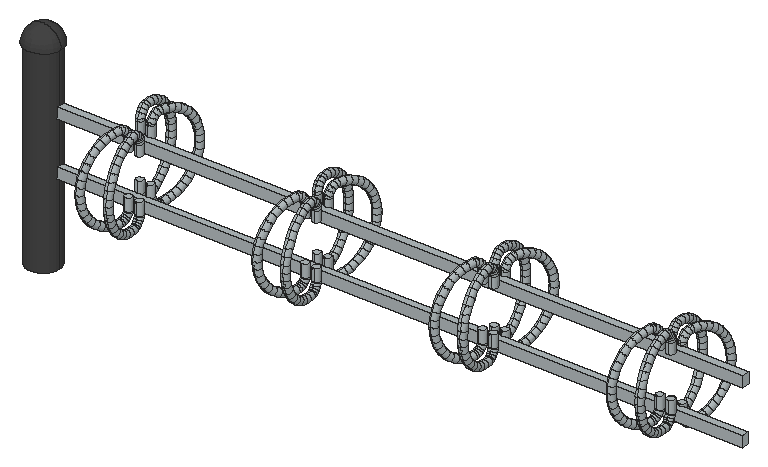
Revit family "Sirius 8 Pl Rak", category Furniture, Revit 2020
Family settings
  OmniClass Number = 23.21.23.13.15
  Work Plane-Based = No
  Always vertical = Yes
  Cut with Voids When Loaded = No
  Shared = No
  Room Calculation Point = No
Parameters (values of type "8003075 / Black - Galvanized")
  Uniclass 1.4 Description = "Furniture"
  Uniclass 1.4 Code = "L8211"
  URL = "https://www.hags.com/"
  QR code = "https://www.hags.com/en-us/furniture/park-and-urban-furniture/bicycle-storage/sirius-cycle-stand/not-applicable-cast-in-place-rak-8-pl-aug-2010-black-galv"
  Product url = "https://www.hags.com/en-us/furniture/park-and-urban-furniture/bicycle-storage/sirius-cycle-stand/not-applicable-cast-in-place-rak-8-pl-aug-2010-black-galv"
  Product name = "Sirius Cycle Stand Cast In Place 8 PL"
  Product data url = "https://bimobject.com/hags/product/sofa_sofiero_detached"
  Product SKU = "Sirius_Cycle_Stand_Detached"
  Product Guid = "90e49432-c870-4a59-897e-b15016e8f9bd"
  OmniClass Description = "BICYCLE STORAGE"
  OmniClass Code = "23-21 23 13 15"
  Model = "8003075"
  Manufacturer name = "HAGS"
  Manufacturer = "Hags"
  IFC Classification = "Furniture"
  Edition number = 1
  Description = ""
  Default Elevation = 0 mm
  Construction material = Hags - Steel - Powder coated - Black
  Body material_90 = Hags - Steel - Galvanized
  Body material = Hags - Steel - Galvanized
  BIMobject category = "PARK AND URBAN FURNITURE"
Reference planes
  plane 1 "Center (Front/Back)": y = 0
  plane 2: z = 0
  plane 3 "Center (Left/Right)": x = 0
Forms (mm)
  Extrusion 1, solid, material "Hags - Steel - Galvanized" <- "Body material"
    sketch origin (1.365, -9.603, 369.929) x (1, 0, 0) y (0, 1, 0)
      loop
        line (45, 10) -> (45, -10) -> (1955, -10) -> (1955, 10) -> (45, 10)
    from 10 to 40
  Extrusion 2, solid, material "Hags - Steel - Powder coated - Black" <- "Construction material"
    sketch origin (1.256, -9.603, 0) x (1, 0, 0) y (0, 1, 0)
      loop
        circle (0, 0) r 45
    from 0 to 549.709
  Revolve 3, solid, material "Hags - Steel - Powder coated - Black" <- "Construction material"
    sketch origin (-157.494, -9.976, 679.925) x (1, 0, 0) y (0, 0, -1)
      loop
        arc (158.761, 80.421) -> (194.116, 95.065) -> (208.761, 130.421) r 50
        line (208.761, 130.421) -> (207.761, 130.421)
        arc (207.761, 130.421) -> (193.409, 95.772) -> (158.761, 81.421) r 49
        line (158.761, 81.421) -> (158.761, 80.421)
      axis (158.761, 80.421) -> (158.761, 130.421)
    angle from 0 to 360
  Extrusion 4, solid, material "Hags - Steel - Galvanized" <- "Body material"
    sketch origin (1.365, -9.603, 220) x (1, 0, 0) y (0, 1, 0)
      loop
        line (45, 10) -> (45, -10) -> (1955, -10) -> (1955, 10) -> (45, 10)
    from 10 to 40
  Sweep 5, solid, material "Hags - Steel - Galvanized" <- "Body material"
    path in 3D
      loop
        line (284.399, -28.912, 379.243) -> (284.399, -28.912, 409.356) -> (284.665, -30.416, 417.342) -> (285.316, -34.108, 425.042) -> (286.286, -39.612, 430.632) -> (287.965, -49.133, 436.349) -> (289.347, -56.972, 437.365) -> (292.522, -74.978, 434.786) -> (295.203, -90.181, 431.456) -> (297.994, -106.011, 424.537) -> (300.723, -121.485, 415.172) -> (303.109, -135.021, 403.262) -> (305.21, -146.933, 388.659) -> (306.856, -156.271, 373.149) -> (308.013, -162.829, 356.943) -> (308.792, -167.247, 339.38) -> (309.009, -168.477, 321.297) -> (308.744, -166.976, 303.115) -> (308.016, -162.845, 285.057) -> (306.889, -156.455, 268.21) -> (305.171, -146.715, 252.347) -> (303.187, -135.458, 238.586) -> (300.759, -121.692, 226.912) -> (298.069, -106.433, 217.568) -> (295.162, -89.947, 210.351) -> (292.187, -73.075, 206.279) -> (288.99, -54.946, 204.888) -> (287.744, -47.88, 206.305) -> (286.375, -40.117, 210.646) -> (285.399, -34.582, 217.063) -> (284.552, -29.777, 225.614) -> (284.444, -29.163, 229.974) -> (284.444, -29.163, 262.737)
    profile origin (284.444, -29.163, 246.356) x (0, 1, 0) y (-1, 0, 0)
      loop
        circle (0, 0) r 10
  Sweep 6, solid, material "Hags - Steel - Galvanized" <- "Body material"
    path in 3D
      loop
        line (254.031, -29.133, 379.797) -> (254.031, -29.133, 409.91) -> (253.766, -30.637, 417.896) -> (253.115, -34.329, 425.596) -> (252.145, -39.834, 431.186) -> (250.466, -49.355, 436.903) -> (249.084, -57.193, 437.919) -> (245.909, -75.199, 435.34) -> (243.228, -90.403, 432.01) -> (240.437, -106.232, 425.091) -> (237.708, -121.706, 415.726) -> (235.321, -135.242, 403.816) -> (233.221, -147.154, 389.213) -> (231.574, -156.492, 373.703) -> (230.418, -163.05, 357.497) -> (229.639, -167.468, 339.934) -> (229.422, -168.699, 321.851) -> (229.687, -167.198, 303.669) -> (230.415, -163.066, 285.611) -> (231.542, -156.676, 268.764) -> (233.259, -146.936, 252.901) -> (235.244, -135.679, 239.14) -> (237.672, -121.914, 227.466) -> (240.362, -106.654, 218.122) -> (243.269, -90.169, 210.905) -> (246.244, -73.297, 206.833) -> (249.441, -55.167, 205.442) -> (250.687, -48.101, 206.859) -> (252.056, -40.338, 211.2) -> (253.032, -34.803, 217.617) -> (253.879, -29.998, 226.168) -> (253.987, -29.385, 230.528) -> (253.987, -29.385, 263.291)
    profile origin (253.987, -29.385, 246.91) x (0, 1, 0) y (-1, 0, 0)
      loop
        circle (0, 0) r 10
  Sweep 7, solid, material "Hags - Steel - Galvanized" <- "Body material"
    path in 3D
      loop
        line (1764.174, -28.912, 405.073) -> (1764.174, -28.912, 435.185) -> (1764.439, -30.416, 443.172) -> (1765.09, -34.108, 450.872) -> (1766.061, -39.612, 456.461) -> (1767.74, -49.133, 462.179) -> (1769.122, -56.972, 463.194) -> (1772.297, -74.978, 460.616) -> (1774.978, -90.181, 457.286) -> (1777.769, -106.011, 450.366) -> (1780.497, -121.485, 441.002) -> (1782.884, -135.021, 429.092) -> (1784.984, -146.933, 414.489) -> (1786.631, -156.271, 398.978) -> (1787.787, -162.829, 382.772) -> (1788.566, -167.247, 365.21) -> (1788.783, -168.477, 347.126) -> (1788.519, -166.976, 328.944) -> (1787.79, -162.845, 310.887) -> (1786.663, -156.455, 294.039) -> (1784.946, -146.715, 278.176) -> (1782.961, -135.458, 264.416) -> (1780.534, -121.692, 252.741) -> (1777.843, -106.433, 243.398) -> (1774.936, -89.947, 236.18) -> (1771.961, -73.075, 232.108) -> (1768.765, -54.946, 230.717) -> (1767.519, -47.88, 232.135) -> (1766.15, -40.117, 236.476) -> (1765.174, -34.582, 242.892) -> (1764.327, -29.777, 251.444) -> (1764.218, -29.163, 255.804) -> (1764.218, -29.163, 288.567)
    profile origin (1764.218, -29.163, 272.185) x (0, 1, 0) y (-1, 0, 0)
      loop
        circle (0, 0) r 10
  Sweep 8, solid, material "Hags - Steel - Galvanized" <- "Body material"
    path in 3D
      loop
        line (1733.806, -29.133, 405.627) -> (1733.806, -29.133, 435.739) -> (1733.541, -30.637, 443.726) -> (1732.89, -34.329, 451.426) -> (1731.919, -39.834, 457.015) -> (1730.24, -49.355, 462.733) -> (1728.858, -57.193, 463.748) -> (1725.683, -75.199, 461.17) -> (1723.002, -90.403, 457.84) -> (1720.211, -106.232, 450.92) -> (1717.483, -121.706, 441.556) -> (1715.096, -135.242, 429.646) -> (1712.996, -147.154, 415.043) -> (1711.349, -156.492, 399.532) -> (1710.193, -163.05, 383.326) -> (1709.414, -167.468, 365.764) -> (1709.197, -168.699, 347.68) -> (1709.461, -167.198, 329.498) -> (1710.19, -163.066, 311.441) -> (1711.317, -156.676, 294.593) -> (1713.034, -146.936, 278.73) -> (1715.019, -135.679, 264.97) -> (1717.446, -121.914, 253.295) -> (1720.137, -106.654, 243.952) -> (1723.044, -90.169, 236.734) -> (1726.019, -73.297, 232.662) -> (1729.215, -55.167, 231.271) -> (1730.461, -48.101, 232.689) -> (1731.83, -40.338, 237.03) -> (1732.806, -34.803, 243.446) -> (1733.653, -29.998, 251.998) -> (1733.762, -29.385, 256.358) -> (1733.762, -29.385, 289.121)
    profile origin (1733.762, -29.385, 272.739) x (0, 1, 0) y (-1, 0, 0)
      loop
        circle (0, 0) r 10
  Sweep 9, solid, material "Hags - Steel - Galvanized" <- "Body material"
    path in 3D
      loop
        line (777.658, -28.912, 387.853) -> (777.658, -28.912, 417.966) -> (777.923, -30.416, 425.952) -> (778.574, -34.108, 433.652) -> (779.545, -39.612, 439.241) -> (781.223, -49.133, 444.959) -> (782.605, -56.972, 445.974) -> (785.78, -74.978, 443.396) -> (788.461, -90.181, 440.066) -> (791.252, -106.011, 433.147) -> (793.981, -121.485, 423.782) -> (796.368, -135.021, 411.872) -> (798.468, -146.933, 397.269) -> (800.115, -156.271, 381.759) -> (801.271, -162.829, 365.553) -> (802.05, -167.247, 347.99) -> (802.267, -168.477, 329.907) -> (802.002, -166.976, 311.725) -> (801.274, -162.845, 293.667) -> (800.147, -156.455, 276.82) -> (798.43, -146.715, 260.956) -> (796.445, -135.458, 247.196) -> (794.017, -121.692, 235.521) -> (791.327, -106.433, 226.178) -> (788.42, -89.947, 218.96) -> (785.445, -73.075, 214.889) -> (782.248, -54.946, 213.498) -> (781.002, -47.88, 214.915) -> (779.633, -40.117, 219.256) -> (778.657, -34.582, 225.673) -> (777.81, -29.777, 234.224) -> (777.702, -29.163, 238.584) -> (777.702, -29.163, 271.347)
    profile origin (777.702, -29.163, 254.965) x (0, 1, 0) y (-1, 0, 0)
      loop
        circle (0, 0) r 10
  Sweep 10, solid, material "Hags - Steel - Galvanized" <- "Body material"
    path in 3D
      loop
        line (747.29, -29.133, 388.407) -> (747.29, -29.133, 418.52) -> (747.024, -30.637, 426.506) -> (746.373, -34.329, 434.206) -> (745.403, -39.834, 439.795) -> (743.724, -49.355, 445.513) -> (742.342, -57.193, 446.528) -> (739.167, -75.199, 443.95) -> (736.486, -90.403, 440.62) -> (733.695, -106.232, 433.701) -> (730.966, -121.706, 424.336) -> (728.58, -135.242, 412.426) -> (726.479, -147.154, 397.823) -> (724.833, -156.492, 382.313) -> (723.676, -163.05, 366.107) -> (722.897, -167.468, 348.544) -> (722.68, -168.699, 330.461) -> (722.945, -167.198, 312.279) -> (723.673, -163.066, 294.221) -> (724.8, -156.676, 277.374) -> (726.518, -146.936, 261.51) -> (728.503, -135.679, 247.75) -> (730.93, -121.914, 236.075) -> (733.62, -106.654, 226.732) -> (736.527, -90.169, 219.514) -> (739.502, -73.297, 215.443) -> (742.699, -55.167, 214.052) -> (743.945, -48.101, 215.469) -> (745.314, -40.338, 219.81) -> (746.29, -34.803, 226.227) -> (747.137, -29.998, 234.778) -> (747.245, -29.385, 239.138) -> (747.245, -29.385, 271.901)
    profile origin (747.245, -29.385, 255.519) x (0, 1, 0) y (-1, 0, 0)
      loop
        circle (0, 0) r 10
  Sweep 11, solid, material "Hags - Steel - Galvanized" <- "Body material"
    path in 3D
      loop
        line (1270.916, -28.912, 396.463) -> (1270.916, -28.912, 426.576) -> (1271.181, -30.416, 434.562) -> (1271.832, -34.108, 442.262) -> (1272.803, -39.612, 447.851) -> (1274.482, -49.133, 453.569) -> (1275.864, -56.972, 454.584) -> (1279.039, -74.978, 452.006) -> (1281.719, -90.181, 448.676) -> (1284.511, -106.011, 441.757) -> (1287.239, -121.485, 432.392) -> (1289.626, -135.021, 420.482) -> (1291.726, -146.933, 405.879) -> (1293.373, -156.271, 390.368) -> (1294.529, -162.829, 374.162) -> (1295.308, -167.247, 356.6) -> (1295.525, -168.477, 338.516) -> (1295.26, -166.976, 320.335) -> (1294.532, -162.845, 302.277) -> (1293.405, -156.455, 285.43) -> (1291.688, -146.715, 269.566) -> (1289.703, -135.458, 255.806) -> (1287.276, -121.692, 244.131) -> (1284.585, -106.433, 234.788) -> (1281.678, -89.947, 227.57) -> (1278.703, -73.075, 223.499) -> (1275.506, -54.946, 222.108) -> (1274.26, -47.88, 223.525) -> (1272.892, -40.117, 227.866) -> (1271.916, -34.582, 234.283) -> (1271.068, -29.777, 242.834) -> (1270.96, -29.163, 247.194) -> (1270.96, -29.163, 279.957)
    profile origin (1270.96, -29.163, 263.575) x (0, 1, 0) y (-1, 0, 0)
      loop
        circle (0, 0) r 10
  Sweep 12, solid, material "Hags - Steel - Galvanized" <- "Body material"
    path in 3D
      loop
        line (1240.548, -29.133, 397.017) -> (1240.548, -29.133, 427.13) -> (1240.282, -30.637, 435.116) -> (1239.631, -34.329, 442.816) -> (1238.661, -39.834, 448.405) -> (1236.982, -49.355, 454.123) -> (1235.6, -57.193, 455.138) -> (1232.425, -75.199, 452.56) -> (1229.744, -90.403, 449.23) -> (1226.953, -106.232, 442.311) -> (1224.225, -121.706, 432.946) -> (1221.838, -135.242, 421.036) -> (1219.737, -147.154, 406.433) -> (1218.091, -156.492, 390.922) -> (1216.935, -163.05, 374.716) -> (1216.155, -167.468, 357.154) -> (1215.939, -168.699, 339.07) -> (1216.203, -167.198, 320.889) -> (1216.932, -163.066, 302.831) -> (1218.058, -156.676, 285.983) -> (1219.776, -146.936, 270.12) -> (1221.761, -135.679, 256.36) -> (1224.188, -121.914, 244.685) -> (1226.879, -106.654, 235.342) -> (1229.785, -90.169, 228.124) -> (1232.76, -73.297, 224.053) -> (1235.957, -55.167, 222.662) -> (1237.203, -48.101, 224.079) -> (1238.572, -40.338, 228.42) -> (1239.548, -34.803, 234.837) -> (1240.395, -29.998, 243.388) -> (1240.503, -29.385, 247.748) -> (1240.503, -29.385, 280.511)
    profile origin (1240.503, -29.385, 264.129) x (0, 1, 0) y (-1, 0, 0)
      loop
        circle (0, 0) r 10
  Sweep 13, solid, material "Hags - Steel - Galvanized" <- "Body material"
    path in 3D
      loop
        line (284.399, 10.063, 288.783) -> (284.399, 10.063, 258.67) -> (284.665, 11.568, 250.684) -> (285.316, 15.26, 242.984) -> (286.286, 20.764, 237.395) -> (287.965, 30.285, 231.677) -> (289.347, 38.124, 230.662) -> (292.522, 56.13, 233.24) -> (295.203, 71.333, 236.57) -> (297.994, 87.163, 243.49) -> (300.723, 102.637, 252.854) -> (303.109, 116.173, 264.764) -> (305.21, 128.085, 279.367) -> (306.856, 137.423, 294.878) -> (308.013, 143.981, 311.084) -> (308.792, 148.399, 328.646) -> (309.009, 149.629, 346.73) -> (308.744, 148.128, 364.912) -> (308.016, 143.997, 382.969) -> (306.889, 137.607, 399.817) -> (305.171, 127.867, 415.68) -> (303.187, 116.61, 429.44) -> (300.759, 102.844, 441.115) -> (298.069, 87.585, 450.458) -> (295.162, 71.099, 457.676) -> (292.187, 54.227, 461.748) -> (288.99, 36.097, 463.139) -> (287.744, 29.032, 461.721) -> (286.375, 21.269, 457.38) -> (285.399, 15.734, 450.963) -> (284.552, 10.929, 442.412) -> (284.444, 10.315, 438.052) -> (284.444, 10.315, 405.289)
    profile origin (284.444, 10.315, 421.671) x (-1, 0, 0) y (0, -1, 0)
      loop
        circle (0, 0) r 10
  Sweep 14, solid, material "Hags - Steel - Galvanized" <- "Body material"
    path in 3D
      loop
        line (254.031, 10.285, 288.229) -> (254.031, 10.285, 258.117) -> (253.766, 11.789, 250.13) -> (253.115, 15.481, 242.43) -> (252.145, 20.985, 236.841) -> (250.466, 30.507, 231.123) -> (249.084, 38.345, 230.108) -> (245.909, 56.351, 232.686) -> (243.228, 71.554, 236.016) -> (240.437, 87.384, 242.936) -> (237.708, 102.858, 252.3) -> (235.321, 116.394, 264.21) -> (233.221, 128.306, 278.813) -> (231.574, 137.644, 294.324) -> (230.418, 144.202, 310.53) -> (229.639, 148.62, 328.092) -> (229.422, 149.851, 346.176) -> (229.687, 148.349, 364.358) -> (230.415, 144.218, 382.415) -> (231.542, 137.828, 399.263) -> (233.259, 128.088, 415.126) -> (235.244, 116.831, 428.886) -> (237.672, 103.066, 440.561) -> (240.362, 87.806, 449.904) -> (243.269, 71.32, 457.122) -> (246.244, 54.449, 461.194) -> (249.441, 36.319, 462.585) -> (250.687, 29.253, 461.167) -> (252.056, 21.49, 456.826) -> (253.032, 15.955, 450.409) -> (253.879, 11.15, 441.858) -> (253.987, 10.536, 437.498) -> (253.987, 10.536, 404.735)
    profile origin (253.987, 10.536, 421.117) x (-1, 0, 0) y (0, -1, 0)
      loop
        circle (0, 0) r 10
  Sweep 15, solid, material "Hags - Steel - Galvanized" <- "Body material"
    path in 3D
      loop
        line (1764.174, 10.063, 262.954) -> (1764.174, 10.063, 232.841) -> (1764.439, 11.568, 224.854) -> (1765.09, 15.26, 217.154) -> (1766.061, 20.764, 211.565) -> (1767.74, 30.285, 205.848) -> (1769.122, 38.124, 204.832) -> (1772.297, 56.13, 207.41) -> (1774.978, 71.333, 210.741) -> (1777.769, 87.163, 217.66) -> (1780.497, 102.637, 227.025) -> (1782.884, 116.173, 238.935) -> (1784.984, 128.085, 253.538) -> (1786.631, 137.423, 269.048) -> (1787.787, 143.981, 285.254) -> (1788.566, 148.399, 302.817) -> (1788.783, 149.629, 320.9) -> (1788.519, 148.128, 339.082) -> (1787.79, 143.997, 357.14) -> (1786.663, 137.607, 373.987) -> (1784.946, 127.867, 389.85) -> (1782.961, 116.61, 403.611) -> (1780.534, 102.844, 415.285) -> (1777.843, 87.585, 424.629) -> (1774.936, 71.099, 431.846) -> (1771.961, 54.227, 435.918) -> (1768.765, 36.097, 437.309) -> (1767.519, 29.032, 435.892) -> (1766.15, 21.269, 431.551) -> (1765.174, 15.734, 425.134) -> (1764.327, 10.929, 416.583) -> (1764.218, 10.315, 412.223) -> (1764.218, 10.315, 379.46)
    profile origin (1764.218, 10.315, 395.841) x (-1, 0, 0) y (0, -1, 0)
      loop
        circle (0, 0) r 10
  Sweep 16, solid, material "Hags - Steel - Galvanized" <- "Body material"
    path in 3D
      loop
        line (1733.806, 10.285, 262.4) -> (1733.806, 10.285, 232.287) -> (1733.541, 11.789, 224.3) -> (1732.89, 15.481, 216.6) -> (1731.919, 20.985, 211.011) -> (1730.24, 30.507, 205.294) -> (1728.858, 38.345, 204.278) -> (1725.683, 56.351, 206.856) -> (1723.002, 71.554, 210.187) -> (1720.211, 87.384, 217.106) -> (1717.483, 102.858, 226.471) -> (1715.096, 116.394, 238.381) -> (1712.996, 128.306, 252.984) -> (1711.349, 137.644, 268.494) -> (1710.193, 144.202, 284.7) -> (1709.414, 148.62, 302.263) -> (1709.197, 149.851, 320.346) -> (1709.461, 148.349, 338.528) -> (1710.19, 144.218, 356.586) -> (1711.317, 137.828, 373.433) -> (1713.034, 128.088, 389.296) -> (1715.019, 116.831, 403.057) -> (1717.446, 103.066, 414.731) -> (1720.137, 87.806, 424.075) -> (1723.044, 71.32, 431.292) -> (1726.019, 54.449, 435.364) -> (1729.215, 36.319, 436.755) -> (1730.461, 29.253, 435.338) -> (1731.83, 21.49, 430.997) -> (1732.806, 15.955, 424.58) -> (1733.653, 11.15, 416.029) -> (1733.762, 10.536, 411.669) -> (1733.762, 10.536, 378.906)
    profile origin (1733.762, 10.536, 395.287) x (-1, 0, 0) y (0, -1, 0)
      loop
        circle (0, 0) r 10
  Sweep 17, solid, material "Hags - Steel - Galvanized" <- "Body material"
    path in 3D
      loop
        line (777.658, 10.063, 280.173) -> (777.658, 10.063, 250.061) -> (777.923, 11.568, 242.074) -> (778.574, 15.26, 234.374) -> (779.545, 20.764, 228.785) -> (781.223, 30.285, 223.067) -> (782.605, 38.124, 222.052) -> (785.78, 56.13, 224.63) -> (788.461, 71.333, 227.96) -> (791.252, 87.163, 234.88) -> (793.981, 102.637, 244.244) -> (796.368, 116.173, 256.154) -> (798.468, 128.085, 270.758) -> (800.115, 137.423, 286.268) -> (801.271, 143.981, 302.474) -> (802.05, 148.399, 320.036) -> (802.267, 149.629, 338.12) -> (802.002, 148.128, 356.302) -> (801.274, 143.997, 374.359) -> (800.147, 137.607, 391.207) -> (798.43, 127.867, 407.07) -> (796.445, 116.61, 420.83) -> (794.017, 102.844, 432.505) -> (791.327, 87.585, 441.848) -> (788.42, 71.099, 449.066) -> (785.445, 54.227, 453.138) -> (782.248, 36.097, 454.529) -> (781.002, 29.032, 453.112) -> (779.633, 21.269, 448.77) -> (778.657, 15.734, 442.354) -> (777.81, 10.929, 433.802) -> (777.702, 10.315, 429.442) -> (777.702, 10.315, 396.679)
    profile origin (777.702, 10.315, 413.061) x (-1, 0, 0) y (0, -1, 0)
      loop
        circle (0, 0) r 10
  Sweep 18, solid, material "Hags - Steel - Galvanized" <- "Body material"
    path in 3D
      loop
        line (747.29, 10.285, 279.619) -> (747.29, 10.285, 249.507) -> (747.024, 11.789, 241.52) -> (746.373, 15.481, 233.82) -> (745.403, 20.985, 228.231) -> (743.724, 30.507, 222.513) -> (742.342, 38.345, 221.498) -> (739.167, 56.351, 224.076) -> (736.486, 71.554, 227.406) -> (733.695, 87.384, 234.326) -> (730.966, 102.858, 243.69) -> (728.58, 116.394, 255.6) -> (726.479, 128.306, 270.204) -> (724.833, 137.644, 285.714) -> (723.676, 144.202, 301.92) -> (722.897, 148.62, 319.482) -> (722.68, 149.851, 337.566) -> (722.945, 148.349, 355.748) -> (723.673, 144.218, 373.805) -> (724.8, 137.828, 390.653) -> (726.518, 128.088, 406.516) -> (728.503, 116.831, 420.276) -> (730.93, 103.066, 431.951) -> (733.62, 87.806, 441.294) -> (736.527, 71.32, 448.512) -> (739.502, 54.449, 452.584) -> (742.699, 36.319, 453.975) -> (743.945, 29.253, 452.558) -> (745.314, 21.49, 448.216) -> (746.29, 15.955, 441.8) -> (747.137, 11.15, 433.248) -> (747.245, 10.536, 428.888) -> (747.245, 10.536, 396.125)
    profile origin (747.245, 10.536, 412.507) x (-1, 0, 0) y (0, -1, 0)
      loop
        circle (0, 0) r 10
  Sweep 19, solid, material "Hags - Steel - Galvanized" <- "Body material"
    path in 3D
      loop
        line (1270.916, 10.063, 271.563) -> (1270.916, 10.063, 241.451) -> (1271.181, 11.568, 233.464) -> (1271.832, 15.26, 225.764) -> (1272.803, 20.764, 220.175) -> (1274.482, 30.285, 214.457) -> (1275.864, 38.124, 213.442) -> (1279.039, 56.13, 216.02) -> (1281.719, 71.333, 219.35) -> (1284.511, 87.163, 226.27) -> (1287.239, 102.637, 235.635) -> (1289.626, 116.173, 247.544) -> (1291.726, 128.085, 262.148) -> (1293.373, 137.423, 277.658) -> (1294.529, 143.981, 293.864) -> (1295.308, 148.399, 311.426) -> (1295.525, 149.629, 329.51) -> (1295.26, 148.128, 347.692) -> (1294.532, 143.997, 365.749) -> (1293.405, 137.607, 382.597) -> (1291.688, 127.867, 398.46) -> (1289.703, 116.61, 412.221) -> (1287.276, 102.844, 423.895) -> (1284.585, 87.585, 433.239) -> (1281.678, 71.099, 440.456) -> (1278.703, 54.227, 444.528) -> (1275.506, 36.097, 445.919) -> (1274.26, 29.032, 444.502) -> (1272.892, 21.269, 440.16) -> (1271.916, 15.734, 433.744) -> (1271.068, 10.929, 425.193) -> (1270.96, 10.315, 420.833) -> (1270.96, 10.315, 388.07)
    profile origin (1270.96, 10.315, 404.451) x (-1, 0, 0) y (0, -1, 0)
      loop
        circle (0, 0) r 10
  Sweep 20, solid, material "Hags - Steel - Galvanized" <- "Body material"
    path in 3D
      loop
        line (1240.548, 10.285, 271.009) -> (1240.548, 10.285, 240.897) -> (1240.282, 11.789, 232.91) -> (1239.631, 15.481, 225.21) -> (1238.661, 20.985, 219.621) -> (1236.982, 30.507, 213.903) -> (1235.6, 38.345, 212.888) -> (1232.425, 56.351, 215.466) -> (1229.744, 71.554, 218.796) -> (1226.953, 87.384, 225.716) -> (1224.225, 102.858, 235.081) -> (1221.838, 116.394, 246.99) -> (1219.737, 128.306, 261.594) -> (1218.091, 137.644, 277.104) -> (1216.935, 144.202, 293.31) -> (1216.155, 148.62, 310.872) -> (1215.939, 149.851, 328.956) -> (1216.203, 148.349, 347.138) -> (1216.932, 144.218, 365.195) -> (1218.058, 137.828, 382.043) -> (1219.776, 128.088, 397.906) -> (1221.761, 116.831, 411.667) -> (1224.188, 103.066, 423.341) -> (1226.879, 87.806, 432.685) -> (1229.785, 71.32, 439.902) -> (1232.76, 54.449, 443.974) -> (1235.957, 36.319, 445.365) -> (1237.203, 29.253, 443.948) -> (1238.572, 21.49, 439.606) -> (1239.548, 15.955, 433.19) -> (1240.395, 11.15, 424.639) -> (1240.503, 10.536, 420.279) -> (1240.503, 10.536, 387.516)
    profile origin (1240.503, 10.536, 403.897) x (-1, 0, 0) y (0, -1, 0)
      loop
        circle (0, 0) r 10
Lines and regions (mm)
  sketch lines
    curve 1: line (284.444, -29.163, 229.974) -> (284.444, -29.163, 262.737)
    curve 2: line (284.552, -29.777, 225.614) -> (284.444, -29.163, 229.974)
    curve 3: line (285.399, -34.582, 217.063) -> (284.552, -29.777, 225.614)
    curve 4: line (286.375, -40.117, 210.646) -> (285.399, -34.582, 217.063)
    curve 5: line (287.744, -47.88, 206.305) -> (286.375, -40.117, 210.646)
    curve 6: line (288.99, -54.946, 204.888) -> (287.744, -47.88, 206.305)
    curve 7: line (292.187, -73.075, 206.279) -> (288.99, -54.946, 204.888)
    curve 8: line (295.162, -89.947, 210.351) -> (292.187, -73.075, 206.279)
    curve 9: line (298.069, -106.433, 217.568) -> (295.162, -89.947, 210.351)
    curve 10: line (300.759, -121.692, 226.912) -> (298.069, -106.433, 217.568)
    curve 11: line (303.187, -135.458, 238.586) -> (300.759, -121.692, 226.912)
    curve 12: line (305.171, -146.715, 252.347) -> (303.187, -135.458, 238.586)
    curve 13: line (306.889, -156.455, 268.21) -> (305.171, -146.715, 252.347)
    curve 14: line (308.016, -162.845, 285.057) -> (306.889, -156.455, 268.21)
    curve 15: line (308.744, -166.976, 303.115) -> (308.016, -162.845, 285.057)
    curve 16: line (309.009, -168.477, 321.297) -> (308.744, -166.976, 303.115)
    curve 17: line (308.792, -167.247, 339.38) -> (309.009, -168.477, 321.297)
    curve 18: line (308.013, -162.829, 356.943) -> (308.792, -167.247, 339.38)
    curve 19: line (306.856, -156.271, 373.149) -> (308.013, -162.829, 356.943)
    curve 20: line (305.21, -146.933, 388.659) -> (306.856, -156.271, 373.149)
    curve 21: line (303.109, -135.021, 403.262) -> (305.21, -146.933, 388.659)
    curve 22: line (300.723, -121.485, 415.172) -> (303.109, -135.021, 403.262)
    curve 23: line (297.994, -106.011, 424.537) -> (300.723, -121.485, 415.172)
    curve 24: line (295.203, -90.181, 431.456) -> (297.994, -106.011, 424.537)
    curve 25: line (292.522, -74.978, 434.786) -> (295.203, -90.181, 431.456)
    curve 26: line (289.347, -56.972, 437.365) -> (292.522, -74.978, 434.786)
    curve 27: line (287.965, -49.133, 436.349) -> (289.347, -56.972, 437.365)
    curve 28: line (286.286, -39.612, 430.632) -> (287.965, -49.133, 436.349)
    curve 29: line (285.316, -34.108, 425.042) -> (286.286, -39.612, 430.632)
    curve 30: line (284.665, -30.416, 417.342) -> (285.316, -34.108, 425.042)
    curve 31: line (284.399, -28.912, 409.356) -> (284.665, -30.416, 417.342)
    curve 32: line (284.399, -28.912, 379.243) -> (284.399, -28.912, 409.356)
    curve 33: line (253.987, -29.385, 230.528) -> (253.987, -29.385, 263.291)
    curve 34: line (253.879, -29.998, 226.168) -> (253.987, -29.385, 230.528)
    curve 35: line (253.032, -34.803, 217.617) -> (253.879, -29.998, 226.168)
    curve 36: line (252.056, -40.338, 211.2) -> (253.032, -34.803, 217.617)
    curve 37: line (250.687, -48.101, 206.859) -> (252.056, -40.338, 211.2)
    curve 38: line (249.441, -55.167, 205.442) -> (250.687, -48.101, 206.859)
    curve 39: line (246.244, -73.297, 206.833) -> (249.441, -55.167, 205.442)
    curve 40: line (243.269, -90.169, 210.905) -> (246.244, -73.297, 206.833)
    curve 41: line (240.362, -106.654, 218.122) -> (243.269, -90.169, 210.905)
    curve 42: line (237.672, -121.914, 227.466) -> (240.362, -106.654, 218.122)
    curve 43: line (235.244, -135.679, 239.14) -> (237.672, -121.914, 227.466)
    curve 44: line (233.259, -146.936, 252.901) -> (235.244, -135.679, 239.14)
    curve 45: line (231.542, -156.676, 268.764) -> (233.259, -146.936, 252.901)
    curve 46: line (230.415, -163.066, 285.611) -> (231.542, -156.676, 268.764)
    curve 47: line (229.687, -167.198, 303.669) -> (230.415, -163.066, 285.611)
    curve 48: line (229.422, -168.699, 321.851) -> (229.687, -167.198, 303.669)
    curve 49: line (229.639, -167.468, 339.934) -> (229.422, -168.699, 321.851)
    curve 50: line (230.418, -163.05, 357.497) -> (229.639, -167.468, 339.934)
    curve 51: line (231.574, -156.492, 373.703) -> (230.418, -163.05, 357.497)
    curve 52: line (233.221, -147.154, 389.213) -> (231.574, -156.492, 373.703)
    curve 53: line (235.321, -135.242, 403.816) -> (233.221, -147.154, 389.213)
    curve 54: line (237.708, -121.706, 415.726) -> (235.321, -135.242, 403.816)
    curve 55: line (240.437, -106.232, 425.091) -> (237.708, -121.706, 415.726)
    curve 56: line (243.228, -90.403, 432.01) -> (240.437, -106.232, 425.091)
    curve 57: line (245.909, -75.199, 435.34) -> (243.228, -90.403, 432.01)
    curve 58: line (249.084, -57.193, 437.919) -> (245.909, -75.199, 435.34)
    curve 59: line (250.466, -49.355, 436.903) -> (249.084, -57.193, 437.919)
    curve 60: line (252.145, -39.834, 431.186) -> (250.466, -49.355, 436.903)
    curve 61: line (253.115, -34.329, 425.596) -> (252.145, -39.834, 431.186)
    curve 62: line (253.766, -30.637, 417.896) -> (253.115, -34.329, 425.596)
    curve 63: line (254.031, -29.133, 409.91) -> (253.766, -30.637, 417.896)
    curve 64: line (254.031, -29.133, 379.797) -> (254.031, -29.133, 409.91)
    curve 65: line (1764.218, -29.163, 255.804) -> (1764.218, -29.163, 288.567)
    curve 66: line (1764.327, -29.777, 251.444) -> (1764.218, -29.163, 255.804)
    curve 67: line (1765.174, -34.582, 242.892) -> (1764.327, -29.777, 251.444)
    curve 68: line (1766.15, -40.117, 236.476) -> (1765.174, -34.582, 242.892)
    curve 69: line (1767.519, -47.88, 232.135) -> (1766.15, -40.117, 236.476)
    curve 70: line (1768.765, -54.946, 230.717) -> (1767.519, -47.88, 232.135)
    curve 71: line (1771.961, -73.075, 232.108) -> (1768.765, -54.946, 230.717)
    curve 72: line (1774.936, -89.947, 236.18) -> (1771.961, -73.075, 232.108)
    curve 73: line (1777.843, -106.433, 243.398) -> (1774.936, -89.947, 236.18)
    curve 74: line (1780.534, -121.692, 252.741) -> (1777.843, -106.433, 243.398)
    curve 75: line (1782.961, -135.458, 264.416) -> (1780.534, -121.692, 252.741)
    curve 76: line (1784.946, -146.715, 278.176) -> (1782.961, -135.458, 264.416)
    curve 77: line (1786.663, -156.455, 294.039) -> (1784.946, -146.715, 278.176)
    curve 78: line (1787.79, -162.845, 310.887) -> (1786.663, -156.455, 294.039)
    curve 79: line (1788.519, -166.976, 328.944) -> (1787.79, -162.845, 310.887)
    curve 80: line (1788.783, -168.477, 347.126) -> (1788.519, -166.976, 328.944)
    curve 81: line (1788.566, -167.247, 365.21) -> (1788.783, -168.477, 347.126)
    curve 82: line (1787.787, -162.829, 382.772) -> (1788.566, -167.247, 365.21)
    curve 83: line (1786.631, -156.271, 398.978) -> (1787.787, -162.829, 382.772)
    curve 84: line (1784.984, -146.933, 414.489) -> (1786.631, -156.271, 398.978)
    curve 85: line (1782.884, -135.021, 429.092) -> (1784.984, -146.933, 414.489)
    curve 86: line (1780.497, -121.485, 441.002) -> (1782.884, -135.021, 429.092)
    curve 87: line (1777.769, -106.011, 450.366) -> (1780.497, -121.485, 441.002)
    curve 88: line (1774.978, -90.181, 457.286) -> (1777.769, -106.011, 450.366)
    curve 89: line (1772.297, -74.978, 460.616) -> (1774.978, -90.181, 457.286)
    curve 90: line (1769.122, -56.972, 463.194) -> (1772.297, -74.978, 460.616)
    curve 91: line (1767.74, -49.133, 462.179) -> (1769.122, -56.972, 463.194)
    curve 92: line (1766.061, -39.612, 456.461) -> (1767.74, -49.133, 462.179)
    curve 93: line (1765.09, -34.108, 450.872) -> (1766.061, -39.612, 456.461)
    curve 94: line (1764.439, -30.416, 443.172) -> (1765.09, -34.108, 450.872)
    curve 95: line (1764.174, -28.912, 435.185) -> (1764.439, -30.416, 443.172)
    curve 96: line (1764.174, -28.912, 405.073) -> (1764.174, -28.912, 435.185)
    curve 97: line (1733.762, -29.385, 256.358) -> (1733.762, -29.385, 289.121)
    curve 98: line (1733.653, -29.998, 251.998) -> (1733.762, -29.385, 256.358)
    curve 99: line (1732.806, -34.803, 243.446) -> (1733.653, -29.998, 251.998)
    curve 100: line (1731.83, -40.338, 237.03) -> (1732.806, -34.803, 243.446)
    curve 101: line (1730.461, -48.101, 232.689) -> (1731.83, -40.338, 237.03)
    curve 102: line (1729.215, -55.167, 231.271) -> (1730.461, -48.101, 232.689)
    curve 103: line (1726.019, -73.297, 232.662) -> (1729.215, -55.167, 231.271)
    curve 104: line (1723.044, -90.169, 236.734) -> (1726.019, -73.297, 232.662)
    curve 105: line (1720.137, -106.654, 243.952) -> (1723.044, -90.169, 236.734)
    curve 106: line (1717.446, -121.914, 253.295) -> (1720.137, -106.654, 243.952)
    curve 107: line (1715.019, -135.679, 264.97) -> (1717.446, -121.914, 253.295)
    curve 108: line (1713.034, -146.936, 278.73) -> (1715.019, -135.679, 264.97)
    curve 109: line (1711.317, -156.676, 294.593) -> (1713.034, -146.936, 278.73)
    curve 110: line (1710.19, -163.066, 311.441) -> (1711.317, -156.676, 294.593)
    curve 111: line (1709.461, -167.198, 329.498) -> (1710.19, -163.066, 311.441)
    curve 112: line (1709.197, -168.699, 347.68) -> (1709.461, -167.198, 329.498)
    curve 113: line (1709.414, -167.468, 365.764) -> (1709.197, -168.699, 347.68)
    curve 114: line (1710.193, -163.05, 383.326) -> (1709.414, -167.468, 365.764)
    curve 115: line (1711.349, -156.492, 399.532) -> (1710.193, -163.05, 383.326)
    curve 116: line (1712.996, -147.154, 415.043) -> (1711.349, -156.492, 399.532)
    curve 117: line (1715.096, -135.242, 429.646) -> (1712.996, -147.154, 415.043)
    curve 118: line (1717.483, -121.706, 441.556) -> (1715.096, -135.242, 429.646)
    curve 119: line (1720.211, -106.232, 450.92) -> (1717.483, -121.706, 441.556)
    curve 120: line (1723.002, -90.403, 457.84) -> (1720.211, -106.232, 450.92)
    curve 121: line (1725.683, -75.199, 461.17) -> (1723.002, -90.403, 457.84)
    curve 122: line (1728.858, -57.193, 463.748) -> (1725.683, -75.199, 461.17)
    curve 123: line (1730.24, -49.355, 462.733) -> (1728.858, -57.193, 463.748)
    curve 124: line (1731.919, -39.834, 457.015) -> (1730.24, -49.355, 462.733)
    curve 125: line (1732.89, -34.329, 451.426) -> (1731.919, -39.834, 457.015)
    curve 126: line (1733.541, -30.637, 443.726) -> (1732.89, -34.329, 451.426)
    curve 127: line (1733.806, -29.133, 435.739) -> (1733.541, -30.637, 443.726)
    curve 128: line (1733.806, -29.133, 405.627) -> (1733.806, -29.133, 435.739)
    curve 129: line (777.702, -29.163, 238.584) -> (777.702, -29.163, 271.347)
    curve 130: line (777.81, -29.777, 234.224) -> (777.702, -29.163, 238.584)
    curve 131: line (778.657, -34.582, 225.673) -> (777.81, -29.777, 234.224)
    curve 132: line (779.633, -40.117, 219.256) -> (778.657, -34.582, 225.673)
    curve 133: line (781.002, -47.88, 214.915) -> (779.633, -40.117, 219.256)
    curve 134: line (782.248, -54.946, 213.498) -> (781.002, -47.88, 214.915)
    curve 135: line (785.445, -73.075, 214.889) -> (782.248, -54.946, 213.498)
    curve 136: line (788.42, -89.947, 218.96) -> (785.445, -73.075, 214.889)
    curve 137: line (791.327, -106.433, 226.178) -> (788.42, -89.947, 218.96)
    curve 138: line (794.017, -121.692, 235.521) -> (791.327, -106.433, 226.178)
    curve 139: line (796.445, -135.458, 247.196) -> (794.017, -121.692, 235.521)
    curve 140: line (798.43, -146.715, 260.956) -> (796.445, -135.458, 247.196)
    curve 141: line (800.147, -156.455, 276.82) -> (798.43, -146.715, 260.956)
    curve 142: line (801.274, -162.845, 293.667) -> (800.147, -156.455, 276.82)
    curve 143: line (802.002, -166.976, 311.725) -> (801.274, -162.845, 293.667)
    curve 144: line (802.267, -168.477, 329.907) -> (802.002, -166.976, 311.725)
    curve 145: line (802.05, -167.247, 347.99) -> (802.267, -168.477, 329.907)
    curve 146: line (801.271, -162.829, 365.553) -> (802.05, -167.247, 347.99)
    curve 147: line (800.115, -156.271, 381.759) -> (801.271, -162.829, 365.553)
    curve 148: line (798.468, -146.933, 397.269) -> (800.115, -156.271, 381.759)
    curve 149: line (796.368, -135.021, 411.872) -> (798.468, -146.933, 397.269)
    curve 150: line (793.981, -121.485, 423.782) -> (796.368, -135.021, 411.872)
    curve 151: line (791.252, -106.011, 433.147) -> (793.981, -121.485, 423.782)
    curve 152: line (788.461, -90.181, 440.066) -> (791.252, -106.011, 433.147)
    curve 153: line (785.78, -74.978, 443.396) -> (788.461, -90.181, 440.066)
    curve 154: line (782.605, -56.972, 445.974) -> (785.78, -74.978, 443.396)
    curve 155: line (781.223, -49.133, 444.959) -> (782.605, -56.972, 445.974)
    curve 156: line (779.545, -39.612, 439.241) -> (781.223, -49.133, 444.959)
    curve 157: line (778.574, -34.108, 433.652) -> (779.545, -39.612, 439.241)
    curve 158: line (777.923, -30.416, 425.952) -> (778.574, -34.108, 433.652)
    curve 159: line (777.658, -28.912, 417.966) -> (777.923, -30.416, 425.952)
    curve 160: line (777.658, -28.912, 387.853) -> (777.658, -28.912, 417.966)
    curve 161: line (747.245, -29.385, 239.138) -> (747.245, -29.385, 271.901)
    curve 162: line (747.137, -29.998, 234.778) -> (747.245, -29.385, 239.138)
    curve 163: line (746.29, -34.803, 226.227) -> (747.137, -29.998, 234.778)
    curve 164: line (745.314, -40.338, 219.81) -> (746.29, -34.803, 226.227)
    curve 165: line (743.945, -48.101, 215.469) -> (745.314, -40.338, 219.81)
    curve 166: line (742.699, -55.167, 214.052) -> (743.945, -48.101, 215.469)
    curve 167: line (739.502, -73.297, 215.443) -> (742.699, -55.167, 214.052)
    curve 168: line (736.527, -90.169, 219.514) -> (739.502, -73.297, 215.443)
    curve 169: line (733.62, -106.654, 226.732) -> (736.527, -90.169, 219.514)
    curve 170: line (730.93, -121.914, 236.075) -> (733.62, -106.654, 226.732)
    curve 171: line (728.503, -135.679, 247.75) -> (730.93, -121.914, 236.075)
    curve 172: line (726.518, -146.936, 261.51) -> (728.503, -135.679, 247.75)
    curve 173: line (724.8, -156.676, 277.374) -> (726.518, -146.936, 261.51)
    curve 174: line (723.673, -163.066, 294.221) -> (724.8, -156.676, 277.374)
    curve 175: line (722.945, -167.198, 312.279) -> (723.673, -163.066, 294.221)
    curve 176: line (722.68, -168.699, 330.461) -> (722.945, -167.198, 312.279)
    curve 177: line (722.897, -167.468, 348.544) -> (722.68, -168.699, 330.461)
    curve 178: line (723.676, -163.05, 366.107) -> (722.897, -167.468, 348.544)
    curve 179: line (724.833, -156.492, 382.313) -> (723.676, -163.05, 366.107)
    curve 180: line (726.479, -147.154, 397.823) -> (724.833, -156.492, 382.313)
    curve 181: line (728.58, -135.242, 412.426) -> (726.479, -147.154, 397.823)
    curve 182: line (730.966, -121.706, 424.336) -> (728.58, -135.242, 412.426)
    curve 183: line (733.695, -106.232, 433.701) -> (730.966, -121.706, 424.336)
    curve 184: line (736.486, -90.403, 440.62) -> (733.695, -106.232, 433.701)
    curve 185: line (739.167, -75.199, 443.95) -> (736.486, -90.403, 440.62)
    curve 186: line (742.342, -57.193, 446.528) -> (739.167, -75.199, 443.95)
    curve 187: line (743.724, -49.355, 445.513) -> (742.342, -57.193, 446.528)
    curve 188: line (745.403, -39.834, 439.795) -> (743.724, -49.355, 445.513)
    curve 189: line (746.373, -34.329, 434.206) -> (745.403, -39.834, 439.795)
    curve 190: line (747.024, -30.637, 426.506) -> (746.373, -34.329, 434.206)
    curve 191: line (747.29, -29.133, 418.52) -> (747.024, -30.637, 426.506)
    curve 192: line (747.29, -29.133, 388.407) -> (747.29, -29.133, 418.52)
    curve 193: line (1270.96, -29.163, 247.194) -> (1270.96, -29.163, 279.957)
    curve 194: line (1271.068, -29.777, 242.834) -> (1270.96, -29.163, 247.194)
    curve 195: line (1271.916, -34.582, 234.283) -> (1271.068, -29.777, 242.834)
    curve 196: line (1272.892, -40.117, 227.866) -> (1271.916, -34.582, 234.283)
    curve 197: line (1274.26, -47.88, 223.525) -> (1272.892, -40.117, 227.866)
    curve 198: line (1275.506, -54.946, 222.108) -> (1274.26, -47.88, 223.525)
    curve 199: line (1278.703, -73.075, 223.499) -> (1275.506, -54.946, 222.108)
    curve 200: line (1281.678, -89.947, 227.57) -> (1278.703, -73.075, 223.499)
    curve 201: line (1284.585, -106.433, 234.788) -> (1281.678, -89.947, 227.57)
    curve 202: line (1287.276, -121.692, 244.131) -> (1284.585, -106.433, 234.788)
    curve 203: line (1289.703, -135.458, 255.806) -> (1287.276, -121.692, 244.131)
    curve 204: line (1291.688, -146.715, 269.566) -> (1289.703, -135.458, 255.806)
    curve 205: line (1293.405, -156.455, 285.43) -> (1291.688, -146.715, 269.566)
    curve 206: line (1294.532, -162.845, 302.277) -> (1293.405, -156.455, 285.43)
    curve 207: line (1295.26, -166.976, 320.335) -> (1294.532, -162.845, 302.277)
    curve 208: line (1295.525, -168.477, 338.516) -> (1295.26, -166.976, 320.335)
    curve 209: line (1295.308, -167.247, 356.6) -> (1295.525, -168.477, 338.516)
    curve 210: line (1294.529, -162.829, 374.162) -> (1295.308, -167.247, 356.6)
    curve 211: line (1293.373, -156.271, 390.368) -> (1294.529, -162.829, 374.162)
    curve 212: line (1291.726, -146.933, 405.879) -> (1293.373, -156.271, 390.368)
    curve 213: line (1289.626, -135.021, 420.482) -> (1291.726, -146.933, 405.879)
    curve 214: line (1287.239, -121.485, 432.392) -> (1289.626, -135.021, 420.482)
    curve 215: line (1284.511, -106.011, 441.757) -> (1287.239, -121.485, 432.392)
    curve 216: line (1281.719, -90.181, 448.676) -> (1284.511, -106.011, 441.757)
    curve 217: line (1279.039, -74.978, 452.006) -> (1281.719, -90.181, 448.676)
    curve 218: line (1275.864, -56.972, 454.584) -> (1279.039, -74.978, 452.006)
    curve 219: line (1274.482, -49.133, 453.569) -> (1275.864, -56.972, 454.584)
    curve 220: line (1272.803, -39.612, 447.851) -> (1274.482, -49.133, 453.569)
    curve 221: line (1271.832, -34.108, 442.262) -> (1272.803, -39.612, 447.851)
    curve 222: line (1271.181, -30.416, 434.562) -> (1271.832, -34.108, 442.262)
    curve 223: line (1270.916, -28.912, 426.576) -> (1271.181, -30.416, 434.562)
    curve 224: line (1270.916, -28.912, 396.463) -> (1270.916, -28.912, 426.576)
    curve 225: line (1240.503, -29.385, 247.748) -> (1240.503, -29.385, 280.511)
    curve 226: line (1240.395, -29.998, 243.388) -> (1240.503, -29.385, 247.748)
    curve 227: line (1239.548, -34.803, 234.837) -> (1240.395, -29.998, 243.388)
    curve 228: line (1238.572, -40.338, 228.42) -> (1239.548, -34.803, 234.837)
    curve 229: line (1237.203, -48.101, 224.079) -> (1238.572, -40.338, 228.42)
    curve 230: line (1235.957, -55.167, 222.662) -> (1237.203, -48.101, 224.079)
    curve 231: line (1232.76, -73.297, 224.053) -> (1235.957, -55.167, 222.662)
    curve 232: line (1229.785, -90.169, 228.124) -> (1232.76, -73.297, 224.053)
    curve 233: line (1226.879, -106.654, 235.342) -> (1229.785, -90.169, 228.124)
    curve 234: line (1224.188, -121.914, 244.685) -> (1226.879, -106.654, 235.342)
    curve 235: line (1221.761, -135.679, 256.36) -> (1224.188, -121.914, 244.685)
    curve 236: line (1219.776, -146.936, 270.12) -> (1221.761, -135.679, 256.36)
    curve 237: line (1218.058, -156.676, 285.983) -> (1219.776, -146.936, 270.12)
    curve 238: line (1216.932, -163.066, 302.831) -> (1218.058, -156.676, 285.983)
    curve 239: line (1216.203, -167.198, 320.889) -> (1216.932, -163.066, 302.831)
    curve 240: line (1215.939, -168.699, 339.07) -> (1216.203, -167.198, 320.889)
    curve 241: line (1216.155, -167.468, 357.154) -> (1215.939, -168.699, 339.07)
    curve 242: line (1216.935, -163.05, 374.716) -> (1216.155, -167.468, 357.154)
    curve 243: line (1218.091, -156.492, 390.922) -> (1216.935, -163.05, 374.716)
    curve 244: line (1219.737, -147.154, 406.433) -> (1218.091, -156.492, 390.922)
    curve 245: line (1221.838, -135.242, 421.036) -> (1219.737, -147.154, 406.433)
    curve 246: line (1224.225, -121.706, 432.946) -> (1221.838, -135.242, 421.036)
    curve 247: line (1226.953, -106.232, 442.311) -> (1224.225, -121.706, 432.946)
    curve 248: line (1229.744, -90.403, 449.23) -> (1226.953, -106.232, 442.311)
    curve 249: line (1232.425, -75.199, 452.56) -> (1229.744, -90.403, 449.23)
    curve 250: line (1235.6, -57.193, 455.138) -> (1232.425, -75.199, 452.56)
    curve 251: line (1236.982, -49.355, 454.123) -> (1235.6, -57.193, 455.138)
    curve 252: line (1238.661, -39.834, 448.405) -> (1236.982, -49.355, 454.123)
    curve 253: line (1239.631, -34.329, 442.816) -> (1238.661, -39.834, 448.405)
    curve 254: line (1240.282, -30.637, 435.116) -> (1239.631, -34.329, 442.816)
    curve 255: line (1240.548, -29.133, 427.13) -> (1240.282, -30.637, 435.116)
    curve 256: line (1240.548, -29.133, 397.017) -> (1240.548, -29.133, 427.13)
    curve 257: line (284.444, 10.315, 438.052) -> (284.444, 10.315, 405.289)
    curve 258: line (284.552, 10.929, 442.412) -> (284.444, 10.315, 438.052)
    curve 259: line (285.399, 15.734, 450.963) -> (284.552, 10.929, 442.412)
    curve 260: line (286.375, 21.269, 457.38) -> (285.399, 15.734, 450.963)
    curve 261: line (287.744, 29.032, 461.721) -> (286.375, 21.269, 457.38)
    curve 262: line (288.99, 36.097, 463.139) -> (287.744, 29.032, 461.721)
    curve 263: line (292.187, 54.227, 461.748) -> (288.99, 36.097, 463.139)
    curve 264: line (295.162, 71.099, 457.676) -> (292.187, 54.227, 461.748)
    curve 265: line (298.069, 87.585, 450.458) -> (295.162, 71.099, 457.676)
    curve 266: line (300.759, 102.844, 441.115) -> (298.069, 87.585, 450.458)
    curve 267: line (303.187, 116.61, 429.44) -> (300.759, 102.844, 441.115)
    curve 268: line (305.171, 127.867, 415.68) -> (303.187, 116.61, 429.44)
    curve 269: line (306.889, 137.607, 399.817) -> (305.171, 127.867, 415.68)
    curve 270: line (308.016, 143.997, 382.969) -> (306.889, 137.607, 399.817)
    curve 271: line (308.744, 148.128, 364.912) -> (308.016, 143.997, 382.969)
    curve 272: line (309.009, 149.629, 346.73) -> (308.744, 148.128, 364.912)
    curve 273: line (308.792, 148.399, 328.646) -> (309.009, 149.629, 346.73)
    curve 274: line (308.013, 143.981, 311.084) -> (308.792, 148.399, 328.646)
    curve 275: line (306.856, 137.423, 294.878) -> (308.013, 143.981, 311.084)
    curve 276: line (305.21, 128.085, 279.367) -> (306.856, 137.423, 294.878)
    curve 277: line (303.109, 116.173, 264.764) -> (305.21, 128.085, 279.367)
    curve 278: line (300.723, 102.637, 252.854) -> (303.109, 116.173, 264.764)
    curve 279: line (297.994, 87.163, 243.49) -> (300.723, 102.637, 252.854)
    curve 280: line (295.203, 71.333, 236.57) -> (297.994, 87.163, 243.49)
    curve 281: line (292.522, 56.13, 233.24) -> (295.203, 71.333, 236.57)
    curve 282: line (289.347, 38.124, 230.662) -> (292.522, 56.13, 233.24)
    curve 283: line (287.965, 30.285, 231.677) -> (289.347, 38.124, 230.662)
    curve 284: line (286.286, 20.764, 237.395) -> (287.965, 30.285, 231.677)
    curve 285: line (285.316, 15.26, 242.984) -> (286.286, 20.764, 237.395)
    curve 286: line (284.665, 11.568, 250.684) -> (285.316, 15.26, 242.984)
    curve 287: line (284.399, 10.063, 258.67) -> (284.665, 11.568, 250.684)
    curve 288: line (284.399, 10.063, 288.783) -> (284.399, 10.063, 258.67)
    curve 289: line (253.987, 10.536, 437.498) -> (253.987, 10.536, 404.735)
    curve 290: line (253.879, 11.15, 441.858) -> (253.987, 10.536, 437.498)
    curve 291: line (253.032, 15.955, 450.409) -> (253.879, 11.15, 441.858)
    curve 292: line (252.056, 21.49, 456.826) -> (253.032, 15.955, 450.409)
    curve 293: line (250.687, 29.253, 461.167) -> (252.056, 21.49, 456.826)
    curve 294: line (249.441, 36.319, 462.585) -> (250.687, 29.253, 461.167)
    curve 295: line (246.244, 54.449, 461.194) -> (249.441, 36.319, 462.585)
    curve 296: line (243.269, 71.32, 457.122) -> (246.244, 54.449, 461.194)
    curve 297: line (240.362, 87.806, 449.904) -> (243.269, 71.32, 457.122)
    curve 298: line (237.672, 103.066, 440.561) -> (240.362, 87.806, 449.904)
    curve 299: line (235.244, 116.831, 428.886) -> (237.672, 103.066, 440.561)
    curve 300: line (233.259, 128.088, 415.126) -> (235.244, 116.831, 428.886)
    curve 301: line (231.542, 137.828, 399.263) -> (233.259, 128.088, 415.126)
    curve 302: line (230.415, 144.218, 382.415) -> (231.542, 137.828, 399.263)
    curve 303: line (229.687, 148.349, 364.358) -> (230.415, 144.218, 382.415)
    curve 304: line (229.422, 149.851, 346.176) -> (229.687, 148.349, 364.358)
    curve 305: line (229.639, 148.62, 328.092) -> (229.422, 149.851, 346.176)
    curve 306: line (230.418, 144.202, 310.53) -> (229.639, 148.62, 328.092)
    curve 307: line (231.574, 137.644, 294.324) -> (230.418, 144.202, 310.53)
    curve 308: line (233.221, 128.306, 278.813) -> (231.574, 137.644, 294.324)
    curve 309: line (235.321, 116.394, 264.21) -> (233.221, 128.306, 278.813)
    curve 310: line (237.708, 102.858, 252.3) -> (235.321, 116.394, 264.21)
    curve 311: line (240.437, 87.384, 242.936) -> (237.708, 102.858, 252.3)
    curve 312: line (243.228, 71.554, 236.016) -> (240.437, 87.384, 242.936)
    curve 313: line (245.909, 56.351, 232.686) -> (243.228, 71.554, 236.016)
    curve 314: line (249.084, 38.345, 230.108) -> (245.909, 56.351, 232.686)
    curve 315: line (250.466, 30.507, 231.123) -> (249.084, 38.345, 230.108)
    curve 316: line (252.145, 20.985, 236.841) -> (250.466, 30.507, 231.123)
    curve 317: line (253.115, 15.481, 242.43) -> (252.145, 20.985, 236.841)
    curve 318: line (253.766, 11.789, 250.13) -> (253.115, 15.481, 242.43)
    curve 319: line (254.031, 10.285, 258.117) -> (253.766, 11.789, 250.13)
    curve 320: line (254.031, 10.285, 288.229) -> (254.031, 10.285, 258.117)
    curve 321: line (1764.218, 10.315, 412.223) -> (1764.218, 10.315, 379.46)
    curve 322: line (1764.327, 10.929, 416.583) -> (1764.218, 10.315, 412.223)
    curve 323: line (1765.174, 15.734, 425.134) -> (1764.327, 10.929, 416.583)
    curve 324: line (1766.15, 21.269, 431.551) -> (1765.174, 15.734, 425.134)
    curve 325: line (1767.519, 29.032, 435.892) -> (1766.15, 21.269, 431.551)
    curve 326: line (1768.765, 36.097, 437.309) -> (1767.519, 29.032, 435.892)
    curve 327: line (1771.961, 54.227, 435.918) -> (1768.765, 36.097, 437.309)
    curve 328: line (1774.936, 71.099, 431.846) -> (1771.961, 54.227, 435.918)
    curve 329: line (1777.843, 87.585, 424.629) -> (1774.936, 71.099, 431.846)
    curve 330: line (1780.534, 102.844, 415.285) -> (1777.843, 87.585, 424.629)
    curve 331: line (1782.961, 116.61, 403.611) -> (1780.534, 102.844, 415.285)
    curve 332: line (1784.946, 127.867, 389.85) -> (1782.961, 116.61, 403.611)
    curve 333: line (1786.663, 137.607, 373.987) -> (1784.946, 127.867, 389.85)
    curve 334: line (1787.79, 143.997, 357.14) -> (1786.663, 137.607, 373.987)
    curve 335: line (1788.519, 148.128, 339.082) -> (1787.79, 143.997, 357.14)
    curve 336: line (1788.783, 149.629, 320.9) -> (1788.519, 148.128, 339.082)
    curve 337: line (1788.566, 148.399, 302.817) -> (1788.783, 149.629, 320.9)
    curve 338: line (1787.787, 143.981, 285.254) -> (1788.566, 148.399, 302.817)
    curve 339: line (1786.631, 137.423, 269.048) -> (1787.787, 143.981, 285.254)
    curve 340: line (1784.984, 128.085, 253.538) -> (1786.631, 137.423, 269.048)
    curve 341: line (1782.884, 116.173, 238.935) -> (1784.984, 128.085, 253.538)
    curve 342: line (1780.497, 102.637, 227.025) -> (1782.884, 116.173, 238.935)
    curve 343: line (1777.769, 87.163, 217.66) -> (1780.497, 102.637, 227.025)
    curve 344: line (1774.978, 71.333, 210.741) -> (1777.769, 87.163, 217.66)
    curve 345: line (1772.297, 56.13, 207.41) -> (1774.978, 71.333, 210.741)
    curve 346: line (1769.122, 38.124, 204.832) -> (1772.297, 56.13, 207.41)
    curve 347: line (1767.74, 30.285, 205.848) -> (1769.122, 38.124, 204.832)
    curve 348: line (1766.061, 20.764, 211.565) -> (1767.74, 30.285, 205.848)
    curve 349: line (1765.09, 15.26, 217.154) -> (1766.061, 20.764, 211.565)
    curve 350: line (1764.439, 11.568, 224.854) -> (1765.09, 15.26, 217.154)
    curve 351: line (1764.174, 10.063, 232.841) -> (1764.439, 11.568, 224.854)
    curve 352: line (1764.174, 10.063, 262.954) -> (1764.174, 10.063, 232.841)
    curve 353: line (1733.762, 10.536, 411.669) -> (1733.762, 10.536, 378.906)
    curve 354: line (1733.653, 11.15, 416.029) -> (1733.762, 10.536, 411.669)
    curve 355: line (1732.806, 15.955, 424.58) -> (1733.653, 11.15, 416.029)
    curve 356: line (1731.83, 21.49, 430.997) -> (1732.806, 15.955, 424.58)
    curve 357: line (1730.461, 29.253, 435.338) -> (1731.83, 21.49, 430.997)
    curve 358: line (1729.215, 36.319, 436.755) -> (1730.461, 29.253, 435.338)
    curve 359: line (1726.019, 54.449, 435.364) -> (1729.215, 36.319, 436.755)
    curve 360: line (1723.044, 71.32, 431.292) -> (1726.019, 54.449, 435.364)
    curve 361: line (1720.137, 87.806, 424.075) -> (1723.044, 71.32, 431.292)
    curve 362: line (1717.446, 103.066, 414.731) -> (1720.137, 87.806, 424.075)
    curve 363: line (1715.019, 116.831, 403.057) -> (1717.446, 103.066, 414.731)
    curve 364: line (1713.034, 128.088, 389.296) -> (1715.019, 116.831, 403.057)
    curve 365: line (1711.317, 137.828, 373.433) -> (1713.034, 128.088, 389.296)
    curve 366: line (1710.19, 144.218, 356.586) -> (1711.317, 137.828, 373.433)
    curve 367: line (1709.461, 148.349, 338.528) -> (1710.19, 144.218, 356.586)
    curve 368: line (1709.197, 149.851, 320.346) -> (1709.461, 148.349, 338.528)
    curve 369: line (1709.414, 148.62, 302.263) -> (1709.197, 149.851, 320.346)
    curve 370: line (1710.193, 144.202, 284.7) -> (1709.414, 148.62, 302.263)
    curve 371: line (1711.349, 137.644, 268.494) -> (1710.193, 144.202, 284.7)
    curve 372: line (1712.996, 128.306, 252.984) -> (1711.349, 137.644, 268.494)
    curve 373: line (1715.096, 116.394, 238.381) -> (1712.996, 128.306, 252.984)
    curve 374: line (1717.483, 102.858, 226.471) -> (1715.096, 116.394, 238.381)
    curve 375: line (1720.211, 87.384, 217.106) -> (1717.483, 102.858, 226.471)
    curve 376: line (1723.002, 71.554, 210.187) -> (1720.211, 87.384, 217.106)
    curve 377: line (1725.683, 56.351, 206.856) -> (1723.002, 71.554, 210.187)
    curve 378: line (1728.858, 38.345, 204.278) -> (1725.683, 56.351, 206.856)
    curve 379: line (1730.24, 30.507, 205.294) -> (1728.858, 38.345, 204.278)
    curve 380: line (1731.919, 20.985, 211.011) -> (1730.24, 30.507, 205.294)
    curve 381: line (1732.89, 15.481, 216.6) -> (1731.919, 20.985, 211.011)
    curve 382: line (1733.541, 11.789, 224.3) -> (1732.89, 15.481, 216.6)
    curve 383: line (1733.806, 10.285, 232.287) -> (1733.541, 11.789, 224.3)
    curve 384: line (1733.806, 10.285, 262.4) -> (1733.806, 10.285, 232.287)
    curve 385: line (777.702, 10.315, 429.442) -> (777.702, 10.315, 396.679)
    curve 386: line (777.81, 10.929, 433.802) -> (777.702, 10.315, 429.442)
    curve 387: line (778.657, 15.734, 442.354) -> (777.81, 10.929, 433.802)
    curve 388: line (779.633, 21.269, 448.77) -> (778.657, 15.734, 442.354)
    curve 389: line (781.002, 29.032, 453.112) -> (779.633, 21.269, 448.77)
    curve 390: line (782.248, 36.097, 454.529) -> (781.002, 29.032, 453.112)
    curve 391: line (785.445, 54.227, 453.138) -> (782.248, 36.097, 454.529)
    curve 392: line (788.42, 71.099, 449.066) -> (785.445, 54.227, 453.138)
    curve 393: line (791.327, 87.585, 441.848) -> (788.42, 71.099, 449.066)
    curve 394: line (794.017, 102.844, 432.505) -> (791.327, 87.585, 441.848)
    curve 395: line (796.445, 116.61, 420.83) -> (794.017, 102.844, 432.505)
    curve 396: line (798.43, 127.867, 407.07) -> (796.445, 116.61, 420.83)
    curve 397: line (800.147, 137.607, 391.207) -> (798.43, 127.867, 407.07)
    curve 398: line (801.274, 143.997, 374.359) -> (800.147, 137.607, 391.207)
    curve 399: line (802.002, 148.128, 356.302) -> (801.274, 143.997, 374.359)
    curve 400: line (802.267, 149.629, 338.12) -> (802.002, 148.128, 356.302)
    curve 401: line (802.05, 148.399, 320.036) -> (802.267, 149.629, 338.12)
    curve 402: line (801.271, 143.981, 302.474) -> (802.05, 148.399, 320.036)
    curve 403: line (800.115, 137.423, 286.268) -> (801.271, 143.981, 302.474)
    curve 404: line (798.468, 128.085, 270.758) -> (800.115, 137.423, 286.268)
    curve 405: line (796.368, 116.173, 256.154) -> (798.468, 128.085, 270.758)
    curve 406: line (793.981, 102.637, 244.244) -> (796.368, 116.173, 256.154)
    curve 407: line (791.252, 87.163, 234.88) -> (793.981, 102.637, 244.244)
    curve 408: line (788.461, 71.333, 227.96) -> (791.252, 87.163, 234.88)
    curve 409: line (785.78, 56.13, 224.63) -> (788.461, 71.333, 227.96)
    curve 410: line (782.605, 38.124, 222.052) -> (785.78, 56.13, 224.63)
    curve 411: line (781.223, 30.285, 223.067) -> (782.605, 38.124, 222.052)
    curve 412: line (779.545, 20.764, 228.785) -> (781.223, 30.285, 223.067)
    curve 413: line (778.574, 15.26, 234.374) -> (779.545, 20.764, 228.785)
    curve 414: line (777.923, 11.568, 242.074) -> (778.574, 15.26, 234.374)
    curve 415: line (777.658, 10.063, 250.061) -> (777.923, 11.568, 242.074)
    curve 416: line (777.658, 10.063, 280.173) -> (777.658, 10.063, 250.061)
    curve 417: line (747.245, 10.536, 428.888) -> (747.245, 10.536, 396.125)
    curve 418: line (747.137, 11.15, 433.248) -> (747.245, 10.536, 428.888)
    curve 419: line (746.29, 15.955, 441.8) -> (747.137, 11.15, 433.248)
    curve 420: line (745.314, 21.49, 448.216) -> (746.29, 15.955, 441.8)
    curve 421: line (743.945, 29.253, 452.558) -> (745.314, 21.49, 448.216)
    curve 422: line (742.699, 36.319, 453.975) -> (743.945, 29.253, 452.558)
    curve 423: line (739.502, 54.449, 452.584) -> (742.699, 36.319, 453.975)
    curve 424: line (736.527, 71.32, 448.512) -> (739.502, 54.449, 452.584)
    curve 425: line (733.62, 87.806, 441.294) -> (736.527, 71.32, 448.512)
    curve 426: line (730.93, 103.066, 431.951) -> (733.62, 87.806, 441.294)
    curve 427: line (728.503, 116.831, 420.276) -> (730.93, 103.066, 431.951)
    curve 428: line (726.518, 128.088, 406.516) -> (728.503, 116.831, 420.276)
    curve 429: line (724.8, 137.828, 390.653) -> (726.518, 128.088, 406.516)
    curve 430: line (723.673, 144.218, 373.805) -> (724.8, 137.828, 390.653)
    curve 431: line (722.945, 148.349, 355.748) -> (723.673, 144.218, 373.805)
    curve 432: line (722.68, 149.851, 337.566) -> (722.945, 148.349, 355.748)
    curve 433: line (722.897, 148.62, 319.482) -> (722.68, 149.851, 337.566)
    curve 434: line (723.676, 144.202, 301.92) -> (722.897, 148.62, 319.482)
    curve 435: line (724.833, 137.644, 285.714) -> (723.676, 144.202, 301.92)
    curve 436: line (726.479, 128.306, 270.204) -> (724.833, 137.644, 285.714)
    curve 437: line (728.58, 116.394, 255.6) -> (726.479, 128.306, 270.204)
    curve 438: line (730.966, 102.858, 243.69) -> (728.58, 116.394, 255.6)
    curve 439: line (733.695, 87.384, 234.326) -> (730.966, 102.858, 243.69)
    curve 440: line (736.486, 71.554, 227.406) -> (733.695, 87.384, 234.326)
    curve 441: line (739.167, 56.351, 224.076) -> (736.486, 71.554, 227.406)
    curve 442: line (742.342, 38.345, 221.498) -> (739.167, 56.351, 224.076)
    curve 443: line (743.724, 30.507, 222.513) -> (742.342, 38.345, 221.498)
    curve 444: line (745.403, 20.985, 228.231) -> (743.724, 30.507, 222.513)
    curve 445: line (746.373, 15.481, 233.82) -> (745.403, 20.985, 228.231)
    curve 446: line (747.024, 11.789, 241.52) -> (746.373, 15.481, 233.82)
    curve 447: line (747.29, 10.285, 249.507) -> (747.024, 11.789, 241.52)
    curve 448: line (747.29, 10.285, 279.619) -> (747.29, 10.285, 249.507)
    curve 449: line (1270.96, 10.315, 420.833) -> (1270.96, 10.315, 388.07)
    curve 450: line (1271.068, 10.929, 425.193) -> (1270.96, 10.315, 420.833)
    curve 451: line (1271.916, 15.734, 433.744) -> (1271.068, 10.929, 425.193)
    curve 452: line (1272.892, 21.269, 440.16) -> (1271.916, 15.734, 433.744)
